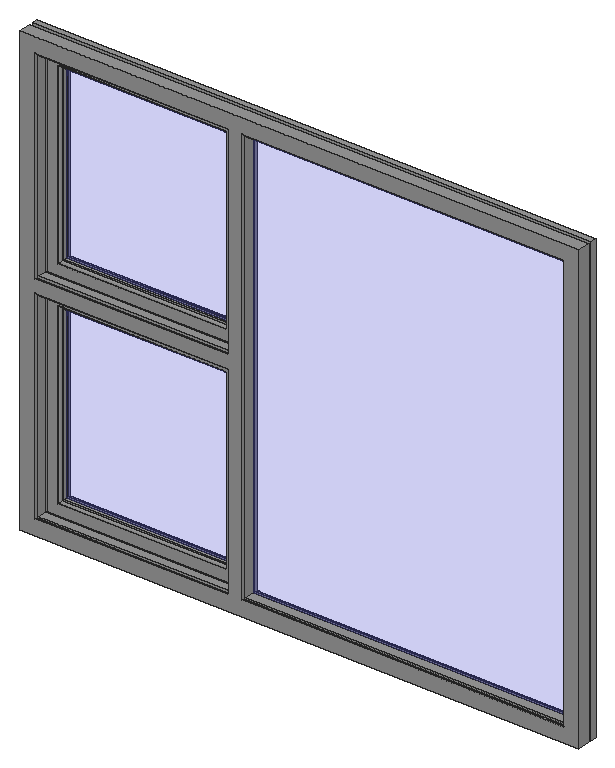
Revit family "MG15 RH", category Windows, host Wall, Revit 2015
Parameters (values of type "MG15 RH")
  Sash Width = 600 mm
  Sash Height = 622 mm
  Height = 1200 mm
  Default Lintel Height = 2100 mm
  Wall Closure = By host
  Width = 1500 mm
Reference planes
  plane 1 "Center (Front/Back)": y = 0
  plane 2 "Center (Left/Right)": x = 0
  plane 3 "Left": x = -750
  plane 4 "Right": x = 750
  plane 5 "Sill": z = 900
  plane 6 "Head": z = 2100
  plane 7 "Exterior": y = 100
  plane 8 "Interior": y = -100
  plane 9: y = -28.5
  plane 10: y = 23.5
  plane 11: z = 1478
  plane 12: x = -150
Forms (mm)
  Sweep 1, solid, material "Lauan, Meranti"
    path origin (0, 100, 0) x (1, 0, 0) y (0, 0, 1)
      loop
        line (750, 2100) -> (-750, 2100) -> (-750, 900) -> (750, 900) -> (750, 2100)
    profile origin (0, 100, 2100) x (0, 0, -1) y (0, -1, 0)
      loop
        line (0, 71.5) -> (29, 71.5) -> (29, 96.5) -> (37.5, 96.5) -> (37.5, 102.5) -> (40.5, 102.5) -> (40.5, 96.5) -> (44, 96.5) -> (44, 122.5) -> (39, 122.5) -> (39, 128.5) -> (0, 128.5) -> (0, 94.5) -> (10, 94.5) -> (10, 86.5) -> (0, 86.5) -> (0, 71.5)
  Extrusion 2, solid, material "Glass"
    sketch origin (10500, 3.5, 2100) x (0, 0, -1) y (-1, 0, 0)
      loop
        line (29, 10665) -> (29, 9779) -> (1171, 9779) -> (1171, 10665) -> (29, 10665)
    from 0 to 6.4
  Sweep 3, solid, material "Lauan, Meranti"
    path origin (10500, 23.5, 2100) x (0, 0, -1) y (-1, 0, 0)
      loop
        line (29, 10665) -> (29, 9779) -> (1171, 9779) -> (1171, 10665) -> (29, 10665)
    profile origin (278, 23.5, 2071) x (0, 0, -1) y (0, 1, 0)
      loop
        line (0, 1.4) -> (0, -13.6) -> (15, -13.6) -> (15, -8.6) -> (13, -8.6)
        arc (13, -8.6) -> (10.071, -1.529) -> (3, 1.4) r 10
        line (3, 1.4) -> (0, 1.4)
  Extrusion 4, solid, material "Lauan, Meranti"
    sketch origin (-212.612, 0, 1139) x (0, -1, 0) y (0, 0, -1)
      loop
        line (28.5, -344) -> (22.5, -344) -> (22.5, -339) -> (-3.5, -339) -> (-3.5, -342.5) -> (2.5, -342.5) -> (2.5, -345.5) -> (-3.5, -345.5) -> (-3.5, -354) -> (-28.5, -354) -> (-28.5, -368) -> (-3.5, -368) -> (-3.5, -376.5) -> (2.5, -376.5) -> (2.5, -379.5) -> (-3.5, -379.5) -> (-3.5, -383) -> (22.5, -383) -> (22.5, -378) -> (28.5, -378) -> (28.5, -344)
    from -508.388 to 33.612
  Extrusion 5, solid, material "Lauan, Meranti"
    sketch origin (-172, 0, 0) x (1, 0, 0) y (0, 1, 0)
      loop
        line (22, -22.5) -> (22, 3.5) -> (18.5, 3.5) -> (18.5, -2.5) -> (15.5, -2.5) -> (15.5, 3.5) -> (7, 3.5) -> (7, 28.5) -> (-7, 28.5) -> (-7, 3.5) -> (-15.5, 3.5) -> (-15.5, -2.5) -> (-18.5, -2.5) -> (-18.5, 3.5) -> (-22, 3.5) -> (-22, -22.5) -> (-17, -22.5) -> (-17, -28.5) -> (17, -28.5) -> (17, -22.5) -> (22, -22.5)
    from 929 to 2071
  Sweep 6, solid, material "Rubber"
    path origin (10500, 23.5, 2100) x (0, 0, -1) y (-1, 0, 0)
      loop
        line (29, 11221) -> (29, 10679) -> (593, 10679) -> (593, 11221) -> (29, 11221)
    profile origin (-450, 23.5, 2071) x (0, 0, -1) y (0, 1, 0)
      loop
        line (5, -17) -> (5, -20) -> (9, -20) -> (9, -22.43) -> (8, -22.43) -> (9, -22.698) -> (9, -24.464) -> (8, -24.464) -> (10, -25) -> (12, -24.464) -> (11, -24.464) -> (11, -22.698) -> (12, -22.43) -> (11, -22.43) -> (11, -20) -> (15, -20) -> (15, -17) -> (10, -15) -> (5, -17)
  Sweep 7, solid, material "Rubber"
    path origin (10500, 23.5, 1522) x (0, 0, -1) y (-1, 0, 0)
      loop
        line (29, 11221) -> (29, 10679) -> (593, 10679) -> (593, 11221) -> (29, 11221)
    profile origin (-450, 23.5, 1493) x (0, 0, -1) y (0, 1, 0)
      loop
        line (5, -17) -> (5, -20) -> (9, -20) -> (9, -22.43) -> (8, -22.43) -> (9, -22.698) -> (9, -24.464) -> (8, -24.464) -> (10, -25) -> (12, -24.464) -> (11, -24.464) -> (11, -22.698) -> (12, -22.43) -> (11, -22.43) -> (11, -20) -> (15, -20) -> (15, -17) -> (10, -15) -> (5, -17)
  Sweep 8, solid, material "Lauan, Meranti"
    path origin (10500, 23.5, 2100) x (0, 0, -1) y (-1, 0, 0)
      loop
        line (29, 11221) -> (29, 10679) -> (593, 10679) -> (593, 11221) -> (29, 11221)
    profile origin (-450, 23.5, 2071) x (0, 0, -1) y (0, 1, 0)
      loop
        line (-5, 5) -> (12, 5) -> (12, -2) -> (14, -2.536) -> (14, -7.464) -> (12, -8) -> (12, -13) -> (10, -13) -> (10, -17) -> (43, -17) -> (43, -14)
        arc (43, -14) -> (47.243, -12.243) -> (49, -8) r 6
        line (49, -8) -> (52, -8) -> (52, 0) -> (43, 0) -> (43, 25) -> (1, 25)
        arc (1, 25) -> (-3.242, 23.243) -> (-5, 19) r 6
        line (-5, 19) -> (-5, 5)
  Sweep 9, solid, material "Lauan, Meranti"
    path origin (10500, 23.5, 1522) x (0, 0, -1) y (-1, 0, 0)
      loop
        line (29, 11221) -> (29, 10679) -> (593, 10679) -> (593, 11221) -> (29, 11221)
    profile origin (-450, 23.5, 1493) x (0, 0, -1) y (0, 1, 0)
      loop
        line (-5, 5) -> (12, 5) -> (12, -2) -> (14, -2.536) -> (14, -7.464) -> (12, -8) -> (12, -13) -> (10, -13) -> (10, -17) -> (43, -17) -> (43, -14)
        arc (43, -14) -> (47.243, -12.243) -> (49, -8) r 6
        line (49, -8) -> (52, -8) -> (52, 0) -> (43, 0) -> (43, 25) -> (1, 25)
        arc (1, 25) -> (-3.242, 23.243) -> (-5, 19) r 6
        line (-5, 19) -> (-5, 5)
  Extrusion 10, solid, material "Glass"
    sketch origin (10500, 23.5, 2100) x (0, 0, -1) y (-1, 0, 0)
      loop
        line (72, 11178) -> (72, 10722) -> (550, 10722) -> (550, 11178) -> (72, 11178)
      loop
        line (650.013, 11177.988) -> (650.013, 10722) -> (1128, 10722) -> (1128, 11177.988) -> (650.013, 11177.988)
    from 0 to 6.4
  Sweep 11, solid, material "Lauan, Meranti"
    path origin (0, 100, 0) x (-1, 0, 0) y (0, 0, -1)
      loop
        line (678, -2028) -> (678, -1550) -> (222, -1550) -> (222, -2028) -> (678, -2028)
    profile origin (-450, 100, 2028) x (0, 0, 1) y (0, -1, 0)
      loop
        line (0, 62.1) -> (0, 70.1) -> (-9, 70.1) -> (-9, 68.1) -> (-7, 68.1)
        arc (-7, 68.1) -> (-4.67, 63.734) -> (0, 62.1) r 6.807
  Sweep 12, solid, material "Lauan, Meranti"
    path origin (0, 100, -578) x (-1, 0, 0) y (0, 0, -1)
      loop
        line (678, -2028) -> (678, -1550) -> (222, -1550) -> (222, -2028) -> (678, -2028)
    profile origin (-450, 100, 1450) x (0, 0, 1) y (0, -1, 0)
      loop
        line (0, 62.1) -> (0, 70.1) -> (-9, 70.1) -> (-9, 68.1) -> (-7, 68.1)
        arc (-7, 68.1) -> (-4.67, 63.734) -> (0, 62.1) r 6.807
Cuts and joins
  joined: Sweep 1, Extrusion 4, Extrusion 5
Lines and regions (mm)
  Opening 1
    outline origin (3500, -100, 0) x (1, 0, 0) y (0, 0, 1)
      loop
        line (-2750, 900) -> (-2750, 2100) -> (-4250, 2100) -> (-4250, 900) -> (-2750, 900)
  model lines
    curve 1: line (-726, 48.5, 1498) -> (-450, 48.5, 924)
    curve 2: line (-450, 48.5, 924) -> (-173.918, 48.5, 1498.08)
    curve 3: line (-726, 48.5, 2076) -> (-450, 48.5, 1502)
    curve 4: line (-450, 48.5, 1502) -> (-173.918, 48.5, 2076.08)
Text (mm)
  text "EXTERIOR" at (-1963.203, 1332.353, 0), in view "Ref. Level"
  text "INTERIOR" at (-1981.466, -818.386, 0), in view "Ref. Level"
  text "Exterior" at (0, 923.751, 2943.296), in view "Right"
  text "Exterior" at (0, 1040.484, 2685.409), in view "Left"
Dimensions and locks
  equal spacing: plane 3 "Left", plane 2 "Center (Left/Right)", plane 4 "Right"
  "Width": plane 3 "Left" to plane 4 "Right"
  "Height": plane 5 "Sill" to plane 6 "Head"
  "Default Lintel Height": plane 6 "Head" to level
  locked: plane 7 "Exterior" to host wall at 0
  locked: plane 8 "Interior" to host wall
  locked: plane 10 to plane 9 at 52
  "Sash Height": plane 11 to plane 6 "Head"
  "Sash Width": plane 12 to plane 3 "Left"
  aligned and locked: Sweep 1 sketch curve to host wall  (x4)
  aligned and locked: Extrusion 5 to Extrusion 4
  aligned and locked: Extrusion 2 sketch curve to Extrusion 5  (x2)
  aligned and locked: Extrusion 4 to Sweep 6 sketch curve
  aligned and locked: Sweep 6 sketch curve to Extrusion 4
  aligned and locked: Extrusion 4 to Sweep 7 sketch curve
  aligned and locked: Sweep 7 sketch curve to Extrusion 5
  aligned and locked: Sweep 8 sketch curve to Extrusion 5
  aligned and locked: Extrusion 4 to Sweep 8 sketch curve
  aligned and locked: Extrusion 4 to Sweep 9 sketch curve
  aligned and locked: Sweep 9 sketch curve to Extrusion 5
  aligned and locked: Sweep 8 to Extrusion 10 sketch curve  (x2)
  aligned and locked: Extrusion 10 sketch curve to Sweep 8  (x2)
  aligned and locked: Extrusion 10 sketch curve to Sweep 9  (x3)
  aligned and locked: Sweep 9 to Extrusion 10 sketch curve
  aligned and locked: Sweep 11 sketch curve to Sweep 8  (x4)
  aligned and locked: Sweep 12 sketch curve to Sweep 9  (x4)
  aligned and locked: Extrusion 2 sketch curve to Sweep 1  (x2)
  aligned and locked: Sweep 3 sketch curve to Sweep 1  (x3)
  aligned and locked: Sweep 3 sketch curve to Extrusion 2
  aligned and locked: Sweep 6 sketch curve to Sweep 1  (x2)
  aligned and locked: Sweep 7 sketch curve to Sweep 1  (x2)
  aligned and locked: Sweep 8 sketch curve to Sweep 1  (x2)
  aligned and locked: Sweep 9 sketch curve to Sweep 1  (x2)
Automatic sketch dimensions
  plane 3 "Left" to Opening 1 sketch curve = 0 mm
  plane 4 "Right" to Opening 1 sketch curve = 0 mm
  Opening 1 sketch curve to plane 5 "Sill" = 0 mm
  Opening 1 sketch curve to plane 6 "Head" = 0 mm
  Sweep 1 sketch curve to profile plane = 0 mm  (x2)
  Sweep 1 sketch curve to profile plane = 10 mm
  Sweep 1 sketch curve to Sweep 1 sketch curve = 19 mm
  Sweep 1 sketch curve to Sweep 1 sketch curve = 8.5 mm
  Sweep 1 sketch curve to Sweep 1 sketch curve = 1.5 mm
  Sweep 1 sketch curve to Sweep 1 sketch curve = 3 mm
  Sweep 1 sketch curve to Sweep 1 sketch curve = 3.5 mm
  plane 7 "Exterior" to Sweep 1 sketch curve = 71.5 mm
  Sweep 1 sketch curve to Sweep 1 sketch curve = 15 mm
  Sweep 1 sketch curve to Sweep 1 sketch curve = 8 mm
  Sweep 1 sketch curve to Sweep 1 sketch curve = 25 mm
  Sweep 1 sketch curve to Sweep 1 sketch curve = 0 mm
  Sweep 1 sketch curve to Sweep 1 sketch curve = 6 mm
  Sweep 1 sketch curve to Sweep 1 sketch curve = 20 mm
  Sweep 1 sketch curve to Sweep 1 sketch curve = 34 mm
  curve 4 to plane 11 = 24 mm
  curve 4 to plane 3 "Left" = 300 mm
  curve 2 to plane 5 "Sill" = 24 mm
  curve 2 to plane 3 "Left" = 300 mm
  curve 1 to plane 3 "Left" = 24 mm
  curve 3 to plane 3 "Left" = 24 mm
  curve 4 to plane 12 = 23.918 mm
  curve 2 to plane 12 = 23.918 mm
  curve 1 to plane 11 = 20 mm
  curve 2 to plane 11 = 20.08 mm
  plane 6 "Head" to curve 3 = 24 mm
  plane 6 "Head" to curve 4 = 23.92 mm
  Sweep 3 sketch curve to profile plane = 0 mm
  profile plane to Sweep 3 sketch curve = 1.4 mm
  Sweep 3 sketch curve to Sweep 3 sketch curve = 3 mm
  Sweep 3 sketch curve to profile plane = 8.6 mm
  Sweep 3 sketch curve to Sweep 3 sketch curve = 2 mm
  Sweep 3 sketch curve to Sweep 3 sketch curve = 5 mm
  plane 11 to Extrusion 4 sketch curve = 0 mm
  Extrusion 4 sketch curve to plane 9 = 0 mm
  plane 9 to Extrusion 4 sketch curve = 6 mm  (x2)
  host wall to Extrusion 4 sketch curve = 2.5 mm  (x2)
  Extrusion 4 sketch curve to host wall = 3.5 mm  (x3)
  Extrusion 4 sketch curve to Extrusion 4 sketch curve = 0 mm
  plane 10 to Extrusion 4 sketch curve = 5 mm
  Extrusion 4 sketch curve to plane 11 = 3.5 mm
  Extrusion 4 sketch curve to plane 11 = 5 mm
  Extrusion 4 sketch curve to Extrusion 4 sketch curve = 3 mm  (x2)
  Extrusion 4 sketch curve to Extrusion 4 sketch curve = 8.5 mm  (x2)
  Extrusion 4 sketch curve to Extrusion 4 sketch curve = 14 mm
  Extrusion 4 sketch curve to Extrusion 4 sketch curve = 1.5 mm
  Extrusion 4 sketch curve to Extrusion 4 sketch curve = 5 mm
  Extrusion 5 sketch curve to plane 9 = 0 mm
  Extrusion 5 sketch curve to plane 12 = 0 mm
  Extrusion 5 sketch curve to Extrusion 5 sketch curve = 3.5 mm  (x2)
  Extrusion 5 sketch curve to Extrusion 5 sketch curve = 5 mm
  Extrusion 5 sketch curve to Extrusion 5 sketch curve = 3 mm  (x2)
  plane 10 to Extrusion 5 sketch curve = 5 mm
  Extrusion 5 sketch curve to plane 12 = 15 mm
  Extrusion 5 sketch curve to Extrusion 5 sketch curve = 14 mm
  host wall to Extrusion 5 sketch curve = 2.5 mm  (x2)
  Extrusion 5 sketch curve to Extrusion 5 sketch curve = 8.5 mm
  Extrusion 5 sketch curve to Extrusion 5 sketch curve = 1.5 mm
  plane 9 to Extrusion 5 sketch curve = 6 mm  (x2)
  Extrusion 5 sketch curve to host wall = 3.5 mm  (x3)
  Extrusion 5 sketch curve to Extrusion 5 sketch curve = 0 mm
  Sweep 6 sketch curve to profile plane = 5 mm
  Sweep 6 sketch curve to Sweep 6 sketch curve = 3 mm  (x3)
  Sweep 6 sketch curve to Sweep 6 sketch curve = 0 mm  (x2)
  Sweep 6 sketch curve to Sweep 6 sketch curve = 1 mm  (x7)
  Sweep 6 sketch curve to Sweep 6 sketch curve = 4 mm
  Sweep 6 sketch curve to profile plane = 25 mm
  Sweep 6 sketch curve to Sweep 6 sketch curve = 0.536 mm  (x2)
  Sweep 6 sketch curve to Sweep 6 sketch curve = 1.766 mm  (x2)
  Sweep 6 sketch curve to Sweep 6 sketch curve = 0.268 mm  (x2)
  Sweep 6 sketch curve to Sweep 6 sketch curve = 2.43 mm  (x2)
  Sweep 6 sketch curve to Sweep 6 sketch curve = 5 mm
  Sweep 7 sketch curve to profile plane = 5 mm
  Sweep 7 sketch curve to Sweep 7 sketch curve = 3 mm  (x3)
  Sweep 7 sketch curve to Sweep 7 sketch curve = 0 mm  (x2)
  Sweep 7 sketch curve to Sweep 7 sketch curve = 1 mm  (x7)
  Sweep 7 sketch curve to Sweep 7 sketch curve = 4 mm
  Sweep 7 sketch curve to profile plane = 25 mm
  Sweep 7 sketch curve to Sweep 7 sketch curve = 0.536 mm  (x2)
  Sweep 7 sketch curve to Sweep 7 sketch curve = 1.766 mm  (x2)
  Sweep 7 sketch curve to Sweep 7 sketch curve = 0.268 mm  (x2)
  Sweep 7 sketch curve to Sweep 7 sketch curve = 2.43 mm  (x2)
  Sweep 7 sketch curve to Sweep 7 sketch curve = 5 mm
  Sweep 8 sketch curve to profile plane = 0 mm
  profile plane to Sweep 8 sketch curve = 5 mm  (x2)
  Sweep 8 sketch curve to profile plane = 1 mm
  Sweep 8 sketch curve to profile plane = 10 mm
  Sweep 8 sketch curve to profile plane = 2 mm
  Sweep 8 sketch curve to Sweep 8 sketch curve = 2 mm  (x3)
  Sweep 8 sketch curve to profile plane = 14 mm
  Sweep 8 sketch curve to Sweep 8 sketch curve = 29 mm
  Sweep 8 sketch curve to Sweep 8 sketch curve = 0 mm
  Sweep 8 sketch curve to Sweep 8 sketch curve = 6 mm
  Sweep 8 sketch curve to Sweep 8 sketch curve = 3 mm  (x2)
  Sweep 8 sketch curve to Sweep 8 sketch curve = 4 mm
  Sweep 8 sketch curve to Sweep 8 sketch curve = 5 mm
  Sweep 8 sketch curve to Sweep 8 sketch curve = 0.536 mm  (x2)
  Sweep 8 sketch curve to Sweep 8 sketch curve = 14 mm
  Sweep 9 sketch curve to profile plane = 0 mm
  profile plane to Sweep 9 sketch curve = 5 mm  (x2)
  Sweep 9 sketch curve to profile plane = 1 mm
  Sweep 9 sketch curve to profile plane = 10 mm
  Sweep 9 sketch curve to profile plane = 2 mm
  Sweep 9 sketch curve to Sweep 9 sketch curve = 2 mm  (x3)
  Sweep 9 sketch curve to profile plane = 14 mm
  Sweep 9 sketch curve to Sweep 9 sketch curve = 29 mm
  Sweep 9 sketch curve to Sweep 9 sketch curve = 0 mm
  Sweep 9 sketch curve to Sweep 9 sketch curve = 6 mm
  Sweep 9 sketch curve to Sweep 9 sketch curve = 3 mm  (x2)
  Sweep 9 sketch curve to Sweep 9 sketch curve = 4 mm
  Sweep 9 sketch curve to Sweep 9 sketch curve = 5 mm
  Sweep 9 sketch curve to Sweep 9 sketch curve = 0.536 mm  (x2)
  Sweep 9 sketch curve to Sweep 9 sketch curve = 14 mm
  profile plane to Sweep 11 sketch curve = 0 mm
  profile plane to Sweep 11 sketch curve = 0.241 mm
  Sweep 11 sketch curve to Sweep 11 sketch curve = 6.759 mm
  Sweep 11 sketch curve to Sweep 11 sketch curve = 2 mm  (x2)
  profile plane to Sweep 11 sketch curve = 62.1 mm
  Sweep 11 sketch curve to Sweep 11 sketch curve = 6 mm
  profile plane to Sweep 12 sketch curve = 0 mm
  profile plane to Sweep 12 sketch curve = 0.241 mm
  Sweep 12 sketch curve to Sweep 12 sketch curve = 6.759 mm
  Sweep 12 sketch curve to Sweep 12 sketch curve = 2 mm  (x2)
  profile plane to Sweep 12 sketch curve = 62.1 mm
  Sweep 12 sketch curve to Sweep 12 sketch curve = 6 mm
